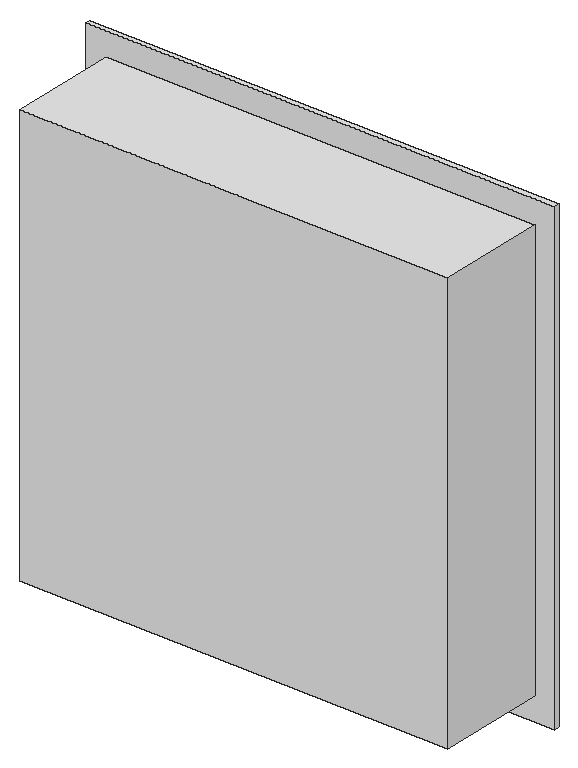
Revit family "Cypher-C2", category Lighting Fixtures, host Wall, Revit 2021
Family settings
  Host = Wall
  Round Connector Dimension = Use Diameter
  Part Type = Normal
  OmniClass Number = 23.80.70.11.14
  OmniClass Title = General Luminaries, Directional
  Always vertical = Yes
  Cut with Voids When Loaded = No
  Light Source = Yes
  Shared = No
  Room Calculation Point = No
Parameters (values of type "CY2-25-3K7-1-2-R")
  Watts = 26 W
  Wattage Comments = "25W, 2500 nominal lumens"
  Wattage = 26 W
  built-in parameter 1150110 = 1 (stored number, unit not read)
  Voltage = if([120 Voltage], 120 V, 270 V)  # 120 V
  URL = "https://www.currentlighting.com/aal"
  built-in parameter 1114217 = 1 (stored number, unit not read)
  Tilt Angle = 90.00°
  built-in parameter 1150109 = 1 (stored number, unit not read)
  built-in parameter 1150134 = (empty or 0)
  built-in parameter 1150113 = 1 (stored number, unit not read)
  Product Page URL = ""
  Product Documentation Link = ""
  Photometric Notes = "More IES files download Photometric Web Link"  # constant formula
  Glass = White Glass
  Power Factor = 1
  Photometric Web File = "CY2-25-3K7-1-2-R.ies"
  Fascia Form [instance] = Panel : Flat - Blank
  Model = "Cypher - Pedestrian Scale"  # constant formula
  Manufacturer = "Architectural Area Lighting"  # constant formula
  built-in parameter 1150105 = 180 (stored number, unit not read)
  Lumens = 2262 lm
  built-in parameter 1150115 = 1 (stored number, unit not read)
  Load Classification = Lighting
  built-in parameter 1150137 = (empty or 0)
  built-in parameter 1150139 = (empty or 0)
  built-in parameter 1150112 = 1 (stored number, unit not read)
  built-in parameter 1150114 = 1 (stored number, unit not read)
  Lamp = "360° Light Distribution"  # constant formula
  built-in parameter 1150132 = (empty or 0)
  built-in parameter 1150102 = (empty or 0)
  built-in parameter 1150107 = 3000 (stored number, unit not read)
  built-in parameter 1150138 = (empty or 0)
  built-in parameter 1150106 = 1.8 (stored number, unit not read)
  Emit from Rectangle Width = 9.00"  # constant formula
  Emit from Rectangle Length = 3.00"  # constant formula
  Emit Shape Visible in Rendering = no
  built-in parameter 1150104 = 8.0826 (stored number, unit not read)
  Dimming Lamp Color Temperature Shift = <None>
  Description = "Cypher allows designers to mix and match optics for best-in-class aesthetics and performance"  # constant formula
  Default Elevation = 0.00"
  Color Filter = 16777215
  Box Finish = White
  built-in parameter 1114218 = 1 (stored number, unit not read)
  built-in parameter 1150133 = 10 (stored number, unit not read)
  Assembly Code = "D5020"
  Apparent Load = Watts / Power Factor  # 26 VA
  277 Voltage = not([120 Voltage])  # no
  120 Voltage = yes
Types (6): name | Watts | Wattage Comments | Wattage | built-in parameter 1150134 | Photometric Web File | Fascia Form | built-in parameter 1150105 | Lumens | built-in parameter 1150107 | built-in parameter 1150106 | built-in parameter 1150104 | Apparent Load
  CY2-25-3K7-1-2-R | 26 W | "25W, 2500 nominal lumens" | 26 W | (empty or 0) | "CY2-25-3K7-1-2-R.ies" | Panel : Flat - Blank | 180 (stored number, unit not read) | 2262 lm | 3000 (stored number, unit not read) | 1.8 (stored number, unit not read) | 8.0826 (stored number, unit not read) | 26 VA
  CY2-25-4K7-1-SP-R | 26 W | "25W, 2500 nominal lumens" | 26 W | 12 | "CY2-25-4K7-1-SP-R.IES" | Panel : Flat - Blank | 171.73 (stored number, unit not read) | 2158 lm | 4000 (stored number, unit not read) | 1.7173 (stored number, unit not read) | 7.711 (stored number, unit not read) | 26 VA
  CY2-35-4K7-1-1D-R | 40 W | "40W, 3500 nominal lumens" | 40 W | 12 | "CY2-35-4K7-1-1D-R.ies" | Panel : Flat - Blank | 257.83 (stored number, unit not read) | 3240 lm | 4000 (stored number, unit not read) | 2.5783 (stored number, unit not read) | 7.5251 (stored number, unit not read) | 40 VA
  CY2-35-5K7-1-WG-R | 40 W | "40W, 3500 nominal lumens" | 40 W | 2 | "CY2-35-5K7-1-WG-R.IES" | Panel : Flat - Blank | 315.13 (stored number, unit not read) | 3960 lm | 5000 (stored number, unit not read) | 3.1513 (stored number, unit not read) | 9.1974 (stored number, unit not read) | 40 VA
  CY2-45-3K7-1-3-R | 52 W | "50W, 4500 nominal lumens" | 52 W | (empty or 0) | "CY2-45-3K7-1-3-R.IES" | Panel : Flat - Blank | 339.32 (stored number, unit not read) | 4264 lm | 3000 (stored number, unit not read) | 3.3932 (stored number, unit not read) | 7.618 (stored number, unit not read) | 52 VA
  CY2-45-5K7-1-4D-R | 52 W | "50W, 4500 nominal lumens" | 52 W | 2 | "CY2-45-5K7-1-4D-R.IES" | Panel : Radius - 4 Square | 318.63 (stored number, unit not read) | 4004 lm | 5000 (stored number, unit not read) | 3.1863 (stored number, unit not read) | 7.1535 (stored number, unit not read) | 52 VA
Reference planes (in)
  plane 1 "Wall": y = 0
  plane 2 "Center (Left/Right)": x = 4.92126
  plane 3 "Back": y = 2.95276
  plane 4: z = 67.32601
Text (in)
  text "Placement Side" at (-36.97918, 19.73443, 0), in view "Ref. Level"
  text "Placement side" at (0, 27.32912, 79.68064), in view "Left"
  text "Placement side" at (0, 10.24977, 82.91007), in view "Right"
Dimensions and locks (in)
  locked: plane 3 "Back" to host wall
  aligned and locked: plane 1 "Wall" to host wall
  aligned and locked: nested 1 to plane 2 "Center (Left/Right)"
  aligned and locked: nested 1 to plane 4
Nested families (in)
  nested 1: "Panel" at (4.92126, 2.95276, 67.32601) x (-1, 0, 0) z (0, 1, 0), type <- "Fascia Form", Panel <- "Box Finish", Glass <- "Glass", type "Flat - Blank"
    with Panel White, Glass White Glass, F-Open no, F-Blank yes
Connectors (in)
  electrical at (4.92126, 2.95276, 67.32601), driven by "Load Classification", driven by "Voltage", driven by "Apparent Load", driven by "Power Factor"
    settings: on nested 1, index 1, voltage 120 V, apparent load 26 VA, apparent load phase1 0 VA, apparent load phase2 0 VA, apparent load phase3 0 VA, power factor 1, load classification "Lighting", number of poles 1, system type 30, power factor state 1, is connector primary yes, connector utility no, sub classification motor no, connector description "Lighting Connector"
Definition of nested family "Panel"
  Parameters
    zz Length 2 = 13.50"
    zz Length 1 = 13.70"
    URL = ""
    Radius = no
    Flat = yes
    F-Open = yes
    F-Blank = no
    R-4 Square = no
    R-Open = no
    Model = ""
    Manufacturer = ""
    R-Blank = no
    Panel [instance] = none
    Glass [instance] = none
    F-4 Square = no
    Description = ""
    Default Elevation = 48.00"
  Reference planes (in)
    plane 1 "Center (Front/Back)": y = 0
    plane 2: z = 0
    plane 3 "Center (Left/Right)": x = 0
    plane 4: x = -7.85
    plane 5: y = 7.75
    plane 6: y = -7.75
    plane 7: x = 7.85
    plane 8: x = -2
    plane 9: x = 2
    plane 10: y = 2
    plane 11: y = -2
    plane 12: x = -6.85
    plane 13: x = 6.85
    plane 14: y = 6.75
    plane 15: y = -6.75
    plane 16: z = 6.9
    plane 17: x = -7.5
    plane 18: x = 7.5
    plane 19: y = -7.5
    plane 20: y = 7.5
    plane 21: z = 3.45
  Forms (in)
    Extrusion 1, solid
      sketch origin (0, 0, 0) x (1, 0, 0) y (0, 1, 0)
        loop
          line (-48, 48) -> (-48, -48) -> (48, -48) -> (48, 48) -> (-48, 48)
      from 0 to -12
    Extrusion 2, solid, material <- "Panel", visible <- "Radius"
      sketch origin (0, 0, -5.12088) x (1, 0, 0) y (0, 0, 1)
        loop
          line (-7.85, 7.62088) -> (-7.70499, 7.53216)
          arc (-7.70499, 7.53216) -> (0, 11.85088) -> (7.70499, 7.53216) r 9.03256
          line (7.70499, 7.53216) -> (7.85, 7.62088)
          arc (7.85, 7.62088) -> (0, 12.02088) -> (-7.85, 7.62088) r 9.20256
      from 7.75 to -7.75
    Extrusion 3, void
      sketch origin (0, 0, 0) x (1, 0, 0) y (0, 1, 0)
        loop
          line (-2, 2) -> (-2, -2) -> (2, -2) -> (2, 2) -> (-2, 2)
      from 7.43003 to 0.25
    Extrusion 4, solid, material <- "Glass", visible <- "R-Open"
      sketch origin (0, 0, -8.59835) x (1, 0, 0) y (0, 0, 1)
        loop
          line (-2, 15.27839) -> (-2, 15.19641)
          arc (-2, 15.19641) -> (0, 15.41835) -> (2, 15.19641) r 9.12256
          line (2, 15.19641) -> (2, 15.27839)
          arc (2, 15.27839) -> (0, 15.49835) -> (-2, 15.27839) r 9.20256
      from 2 to -2
    Extrusion 5, solid, material <- "Panel", visible <- "R-Blank"
      sketch origin (0, 0, -8.65303) x (1, 0, 0) y (0, 0, 1)
        loop
          line (-2, 15.33095) -> (-2, 15.24912)
          arc (-2, 15.24912) -> (0, 15.46275) -> (2, 15.24912) r 9.46875
          line (2, 15.24912) -> (2, 15.33095)
          arc (2, 15.33095) -> (0, 15.54275) -> (-2, 15.33095) r 9.54875
      from 2 to -2
    Extrusion 6, solid, material <- "Panel", visible <- "R-4 Square"
      sketch origin (0, 0, -8.64522) x (1, 0, 0) y (0, 0, 1)
        loop
          line (-2, 15.32526) -> (-2, 15.24328)
          arc (-2, 15.24328) -> (0, 15.46522) -> (2, 15.24328) r 9.12256
          line (2, 15.24328) -> (2, 15.32526)
          arc (2, 15.32526) -> (0, 15.54522) -> (-2, 15.32526) r 9.20256
      from 2 to -2
    Extrusion 7, void
      sketch origin (0, 0, 0) x (1, 0, 0) y (0, 1, 0)
        loop
          line (-2, 2) -> (-2, 0.125) -> (-0.125, 0.125) -> (-0.125, 2) -> (-2, 2)
        loop
          line (2, 2) -> (0.125, 2) -> (0.125, 0.125) -> (2, 0.125) -> (2, 2)
        loop
          line (-2, -2) -> (-0.125, -2) -> (-0.125, -0.125) -> (-2, -0.125) -> (-2, -2)
        loop
          line (2, -2) -> (2, -0.125) -> (0.125, -0.125) -> (0.125, -2) -> (2, -2)
      from 7.47083 to 2.5679
    Extrusion 8, solid, material <- "Panel"
      sketch origin (0, 0, 0) x (1, 0, 0) y (0, 1, 0)
        loop
          line (-6.85, 6.75) -> (-6.85, -6.75) -> (6.85, -6.75) -> (6.85, 6.75) -> (-6.85, 6.75)
      from 0 to 3.45
    Extrusion 9, solid, material <- "Panel", visible <- "Flat"
      sketch origin (0, 0, 0) x (1, 0, 0) y (0, 1, 0)
        loop
          line (-7.5, 7.5) -> (-7.5, -7.5) -> (7.5, -7.5) -> (7.5, 7.5) -> (-7.5, 7.5)
      from 3.45 to 3.6
    Extrusion 10, solid, material <- "Panel", visible <- "F-Blank"
      sketch origin (0, 0, 0) x (1, 0, 0) y (0, 1, 0)
        loop
          line (-2, 2) -> (-2, -2) -> (2, -2) -> (2, 2) -> (-2, 2)
      from 3.51565 to 3.6
    Extrusion 11, solid, material <- "Glass", visible <- "F-Open"
      sketch origin (0, 0, 0) x (1, 0, 0) y (0, 1, 0)
        loop
          line (-2, 2) -> (-2, -2) -> (2, -2) -> (2, 2) -> (-2, 2)
      from 3.45 to 3.51565
    Extrusion 12, solid, material <- "Panel", visible <- "F-4 Square"
      sketch origin (0, 0, 0) x (1, 0, 0) y (0, 1, 0)
        loop
          line (-2, 2) -> (-2, -2) -> (2, -2) -> (2, 2) -> (-2, 2)
      from 3.51565 to 3.6
    Extrusion 13, void
      sketch origin (0, 0, 0) x (1, 0, 0) y (0, 0, 1)
        loop
          line (-6.35, 3.2) -> (-6.35, 0.25) -> (6.35, 0.25) -> (6.35, 3.2) -> (-6.35, 3.2)
      from -2.93789 to 7.75
    Extrusion 14, solid, material <- "Glass"
      sketch origin (0, 0, 0) x (1, 0, 0) y (0, 0, 1)
        loop
          line (-6.35, 3.2) -> (-6.35, 0.25) -> (6.35, 0.25) -> (6.35, 3.2) -> (-6.35, 3.2)
      from 6.36667 to 6.4986
  Cuts and joins
    Extrusion 3 cuts Extrusion 2
    Extrusion 7 cuts Extrusion 6
    Extrusion 3 cuts Extrusion 9
    Extrusion 7 cuts Extrusion 12
    Extrusion 3, Extrusion 13 cuts Extrusion 8
  Dimensions and locks (in)
    equal spacing: plane 5, plane 1 "Center (Front/Back)", plane 6
    locked: plane 6 to plane 5 at 15.5
    equal spacing: plane 4, plane 3 "Center (Left/Right)", plane 7
    locked: plane 4 to plane 7 at 15.7
    equal spacing: plane 8, plane 3 "Center (Left/Right)", plane 9
    equal spacing: plane 10, plane 1 "Center (Front/Back)", plane 11
    locked: plane 8 to plane 3 "Center (Left/Right)" at 2
    locked: plane 1 "Center (Front/Back)" to plane 10 at 2
    equal spacing: plane 12, plane 3 "Center (Left/Right)", plane 13
    equal spacing: plane 14, plane 1 "Center (Front/Back)", plane 15
    "zz Length 1": plane 12 to plane 13
    "zz Length 2": plane 14 to plane 15
    plane 16 to plane 2 = 6.90"
    equal spacing: plane 17, plane 3 "Center (Left/Right)", plane 18
    equal spacing: plane 19, plane 1 "Center (Front/Back)", plane 20
    locked: plane 19 to plane 20 at 15
    locked: plane 17 to plane 18 at 15
    plane 21 to plane 2 = 3.45"
    locked: Extrusion 8 to Extrusion 13 sketch curve at 0.5  (x2)
    locked: Extrusion 13 sketch curve to Extrusion 1 at 0.25
    locked: plane 21 to Extrusion 13 sketch curve at 0.25
    aligned and locked: plane 2 to Extrusion 1
    aligned and locked: level to Extrusion 1
    aligned and locked: plane 5 to Extrusion 2
    aligned and locked: plane 6 to Extrusion 2
    aligned and locked: Extrusion 3 sketch curve to plane 10
    aligned and locked: plane 8 to Extrusion 3 sketch curve
    aligned and locked: Extrusion 3 sketch curve to plane 11
    aligned and locked: plane 9 to Extrusion 3 sketch curve
    aligned and locked: plane 10 to Extrusion 4
    aligned and locked: plane 11 to Extrusion 4
    aligned and locked: plane 10 to Extrusion 5
    aligned and locked: plane 11 to Extrusion 5
    aligned and locked: plane 10 to Extrusion 6
    aligned and locked: plane 11 to Extrusion 6
    aligned and locked: Extrusion 7 sketch curve to plane 10
    aligned and locked: plane 8 to Extrusion 7 sketch curve
    aligned and locked: Extrusion 7 sketch curve to plane 8
    aligned and locked: Extrusion 7 sketch curve to plane 9
    aligned and locked: plane 9 to Extrusion 7 sketch curve
    aligned and locked: Extrusion 7 sketch curve to plane 11
    aligned and locked: plane 11 to Extrusion 7 sketch curve
    aligned and locked: plane 10 to Extrusion 7 sketch curve
    aligned and locked: plane 14 to Extrusion 8 sketch curve
    aligned and locked: plane 15 to Extrusion 8 sketch curve
    aligned and locked: plane 20 to Extrusion 9 sketch curve
    aligned and locked: plane 17 to Extrusion 9 sketch curve
    aligned and locked: plane 19 to Extrusion 9 sketch curve
    aligned and locked: plane 18 to Extrusion 9 sketch curve
    aligned and locked: Extrusion 9 to Extrusion 8
    aligned and locked: plane 21 to Extrusion 8
    aligned and locked: Extrusion 10 sketch curve to cut or joined group of Extrusion 2, Extrusion 3  (x4)
    aligned and locked: Extrusion 12 sketch curve to cut or joined group of Extrusion 2, Extrusion 3  (x4)
    aligned and locked: Extrusion 14 sketch curve to cut or joined group of Extrusion 3, Extrusion 8, Extrusion 13  (x4)
  Automatic sketch dimensions
    Extrusion 1 sketch curve to Extrusion 1 sketch curve = 96.00"  (x2)
    plane 9 to Extrusion 4 sketch curve = 0.00"
    plane 9 to Extrusion 5 sketch curve = 0.00"
    Extrusion 7 sketch curve to plane 3 "Center (Left/Right)" = 0.125"  (x2)
    plane 3 "Center (Left/Right)" to Extrusion 7 sketch curve = 0.125"  (x2)
    plane 1 "Center (Front/Back)" to Extrusion 7 sketch curve = 0.125"  (x2)
    Extrusion 7 sketch curve to plane 1 "Center (Front/Back)" = 0.125"  (x2)
    Extrusion 4 sketch curve to plane 8 = 0.00"
    Extrusion 5 sketch curve to plane 16 = 0.22208"
    plane 9 to Extrusion 6 sketch curve = 0.00"
    Extrusion 5 sketch curve to plane 8 = 0.00"
    Extrusion 5 sketch curve to plane 3 "Center (Left/Right)" = 0.00"
    Extrusion 6 sketch curve to plane 16 = 0.21996"
    Extrusion 11 sketch curve to plane 8 = 0.00"
    Extrusion 11 sketch curve to plane 9 = 0.00"
    plane 11 to Extrusion 11 sketch curve = 0.00"
    Extrusion 11 sketch curve to plane 10 = 0.00"
    Extrusion 2 sketch curve to Extrusion 2 sketch curve = 0.00"  (x2)
    Extrusion 2 sketch curve to plane 4 = 0.00"
    plane 4 to Extrusion 2 sketch curve = 0.14501"
    Extrusion 2 sketch curve to plane 21 = 1.03872"
    Extrusion 2 sketch curve to plane 3 "Center (Left/Right)" = 0.00"
    plane 7 to Extrusion 2 sketch curve = 0.00"
    plane 7 to Extrusion 2 sketch curve = 0.14501"
    Extrusion 2 sketch curve to Extrusion 2 sketch curve = 0.08872"
    Extrusion 2 sketch curve to level = 2.30256"
    Extrusion 6 sketch curve to plane 8 = 0.00"
    Extrusion 6 sketch curve to plane 3 "Center (Left/Right)" = 0.00"
    Extrusion 6 sketch curve to Extrusion 6 sketch curve = 0.00"  (x2)
    Extrusion 6 sketch curve to Extrusion 6 sketch curve = 0.08198"
    Extrusion 6 sketch curve to level = 2.30256"
    Extrusion 4 sketch curve to plane 16 = 0.30194"
    Extrusion 4 sketch curve to Extrusion 4 sketch curve = 0.08198"
    Extrusion 4 sketch curve to Extrusion 4 sketch curve = 0.00"  (x2)
    Extrusion 4 sketch curve to plane 3 "Center (Left/Right)" = 0.00"
    Extrusion 4 sketch curve to level = 2.30256"
    Extrusion 5 sketch curve to Extrusion 5 sketch curve = 0.00"  (x2)
    Extrusion 5 sketch curve to Extrusion 5 sketch curve = 0.08183"
    Extrusion 5 sketch curve to level = 2.65904"
    Extrusion 8 sketch curve to plane 12 = 0.00"
    Extrusion 8 sketch curve to plane 13 = 0.00"
